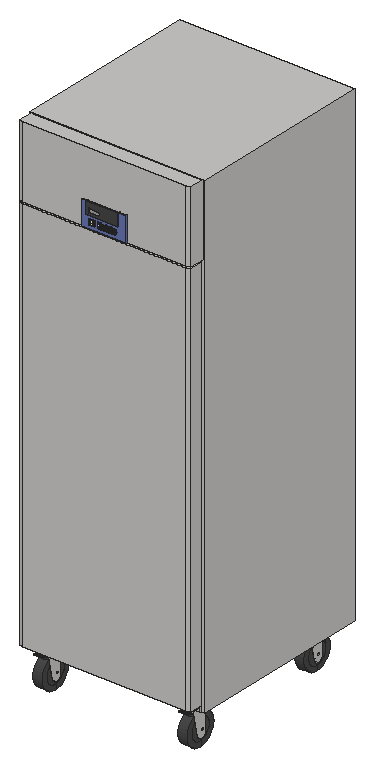
Revit family "QF_ELECTROLUXPROFESSIONAL_725448_TC671DZXU2", category Attrezzature speciali, Revit 2021
Family settings
  Quota connettore circolare = Usa diametro
  Tipo di parte = Normale
  Basato su piano di lavoro = No
  Sempre verticale = Sì
  Taglio con vuoti quando caricato = No
  Condiviso = No
  Punto di calcolo locali = No
Parameters (values of type "Standard")
  Weight = 165.00 kg
  Watts = 1420 W
  Volts = 115 V
  URL Manufacturer = "https://www.electroluxprofessional.com/"
  URL = "https://www.electroluxprofessional.com/"
  Steam Supply Size = 0 mm
  Steam Supply Minimum Pressure = 0.0 Pa
  Steam Supply Maximum Pressure = 0.0 Pa
  Steam Consumption per Hour = 0
  Refrigeration Suction Line Size = 0 mm
  Refrigeration Liquid Line Size = 0 mm
  Refrigerant Compressor Remote = yes
  Prospetto di default = 0 mm
  Produttore = "Electrolux Professional"
  Phase = 1
  Modello = "TC671DZXU2"
  Length Actual = 710 mm  # constant formula
  Item Number = "725448"
  Hot Water Size = 0 mm
  Height Actual = 2090 mm  # constant formula
  HP = "1.9 HP"
  Gas Size = 0 mm
  Gas KW = 0
  Gas Input Pressure = 0 W
  Direct Waste Size = 0 mm
  Descrizione = "1-DOOR THAWING CABINET 670L, 15 POSITIONS, 120V/60Hz R290 - US"
  Depth Actual = 835 mm  # constant formula
  Cycle = 60 Hz
  Condensate Return Size = 0 mm
  Compressed Air Volume = 0.0 L/s
  Compressed Air Size = 0 mm
  Compressed Air Pressure = 0.0 Pa
  Cold Water Size = 0 mm
  Accessory = yes
Reference planes
  plane 1 "Center (Front/Back)": y = 0
  plane 2: z = 0
  plane 3 "Center (Left/Right)": x = 0
  plane 4 "BASE": z = 150
  plane 5 "TOP": z = 2089.965
  plane 6 "FRONT": y = -417.5
  plane 7 "BACK": y = 417.5
  plane 8 "LEFT": x = -355
  plane 9 "RIGHT": x = 355
  plane 10: x = -278
  plane 11: y = 299.5
  plane 12: y = -314.5
  plane 13: x = 278
  plane 14 "DrainY": y = -254.5
  plane 15: y = -1062.5
Forms (mm)
  Extrusion 1, solid, material "QF_Finishes_Stainless Steel"
    sketch origin (0, 0, 150) x (-1, 0, 0) y (0, -1, 0)
      loop
        line (355, -417.5) -> (355, 345.5) -> (-355, 345.5) -> (-355, -417.5) -> (355, -417.5)
    from 0 to 1940
  Extrusion 2, solid
    sketch origin (0, 417.5, 1660) x (-1, 0, 0) y (0, 0, 1)
      loop
        circle (339, 164) r 10
    from 0 to 3.2
  Extrusion 3, solid, material "QF_Door-Drawer Clearances", detail levels coarse
    sketch origin (0, 0, 150) x (-1, 0, 0) y (0, -1, 0)
      loop
        line (-345, 409.5) -> (-283, 409.5) -> (-283, 1006.5) -> (-301, 1006.5) -> (-301, 1024.5) -> (-323, 1024.5) -> (-323, 1062.5) -> (-345, 1062.5) -> (-345, 409.5)
    from 1642.965 to 28
  Extrusion 4, solid, material "QF_Door-Drawer Clearances", detail levels coarse
    sketch origin (0, 0, 150) x (-1, 0, 0) y (0, -1, 0)
      loop
        line (-283, 409.5) -> (347, 409.5)
        arc (347, 409.5) -> (150.684, 878.295) -> (-323, 1062.5) r 650
        line (-323, 1062.5) -> (-323, 1024.5) -> (-301, 1024.5) -> (-301, 1006.5) -> (-283, 1006.5) -> (-283, 409.5)
    from 1642.965 to 28
  Extrusion 5, solid, material "QF_Clearances", detail levels coarse
    sketch origin (0, 0, 150) x (-1, 0, 0) y (0, -1, 0)
      loop
        line (355, 417.5) -> (355, -417.5) -> (-355, -417.5) -> (-355, 417.5) -> (-385, 417.5) -> (-385, -447.5) -> (385, -447.5) -> (385, 417.5) -> (355, 417.5)
    from -150 to 1940
  Extrusion 6, void
    sketch origin (0, 417.5, 0) x (-1, 0, 0) y (0, 0, 1)
      loop
        line (280, 1764.931) -> (-280, 1764.931) -> (-280, 220) -> (0, 210) -> (280, 219.676) -> (280, 1764.931)
    from -56 to -763
  Extrusion 7, solid, material "QF_Finishes_Stainless Steel"
    sketch origin (0, 0, 150) x (-1, 0, 0) y (0, -1, 0)
      loop
        circle (0, 254.5) r 7.938
    from 0 to -10
  Extrusion 8, solid, material "QF_Clearances", detail levels coarse
    sketch origin (0, 0, 150) x (-1, 0, 0) y (0, -1, 0)
      loop
        line (385, 417.5) -> (-385, 417.5) -> (-385, -447.5) -> (385, -447.5) -> (385, 417.5)
    from 2140 to 1940
Cuts and joins
  Extrusion 6 cuts Extrusion 1
Lines and regions (mm)
  symbolic lines, style "SpecialityEquipmentHiddenLines"
    curve 1: line (345, -409.5, 150) -> (345, -1062.5, 150)
    curve 2: line (345, -1062.5, 150) -> (323, -1062.5, 150)
    curve 3: line (283, -409.5, 150) -> (283, -1006.5, 150)
    curve 4: line (323, -1062.5, 150) -> (323, -1024.5, 150)
    curve 5: line (323, -1024.5, 150) -> (301, -1024.5, 150)
    curve 6: line (301, -1024.5, 150) -> (301, -1006.5, 150)
    curve 7: line (301, -1006.5, 150) -> (283, -1006.5, 150)
    curve 8: arc (-347, -409.5, 150) -> (-150.684, -878.295, 150) -> (323, -1062.5, 150) r 650
  symbolic lines, style "QF_Clearances", detail levels coarse
    curve 9: line (-355, -417.5, 2089.965) -> (-385, -417.5, 2089.965)
    curve 10: line (-385, -417.5, 2089.965) -> (-385, 447.5, 2089.965)
    curve 11: line (-385, 447.5, 2089.965) -> (385, 447.5, 2089.965)
    curve 12: line (385, 447.5, 2089.965) -> (385, -417.5, 2089.965)
    curve 13: line (385, -417.5, 2089.965) -> (355, -417.5, 2089.965)
  symbolic lines
    curve 14: line (355, 417.5, 150) -> (-355, 417.5, 150)
    curve 15: line (355, -345.5, 150) -> (355, 417.5, 150)
    curve 16: line (-355, -345.5, 150) -> (355, -345.5, 150)
    curve 17: line (-355, 417.5, 150) -> (-355, -345.5, 150)
Dimensions and locks
  equal spacing: plane 7 "BACK", plane 1 "Center (Front/Back)", plane 6 "FRONT"
  equal spacing: plane 8 "LEFT", plane 3 "Center (Left/Right)", plane 9 "RIGHT"
  plane 8 "LEFT" to plane 9 "RIGHT" = 710 mm
  plane 7 "BACK" to plane 6 "FRONT" = 835 mm
  plane 5 "TOP" to plane 2 = 2089.965 mm
  Extrusion 8 to Extrusion 8 = 200 mm
  plane 8 "LEFT" to plane 10 = 77 mm  (x2)
  plane 7 "BACK" to plane 11 = 118 mm
  plane 11 to plane 12 = 614 mm
  plane 13 to plane 9 "RIGHT" = 77 mm
  plane 9 "RIGHT" to plane 13 = 77 mm
  plane 7 "BACK" to plane 11 to plane 12 = 118 mm, 614 mm
  plane 14 "DrainY" to plane 6 "FRONT" = 163 mm
  plane 7 "BACK" to plane 15 = 1480 mm
  aligned and locked: level to plane 2
Automatic sketch dimensions
  curve 13 to plane 6 "FRONT" = 0 mm
  curve 13 to plane 9 "RIGHT" = 0 mm
  curve 9 to plane 6 "FRONT" = 0 mm
  curve 9 to plane 8 "LEFT" = 0 mm
  curve 11 to plane 9 "RIGHT" = 30 mm
  curve 9 to curve 10 = 30 mm
  plane 7 "BACK" to curve 11 = 30 mm
  Extrusion 1 sketch curve to plane 7 "BACK" = 0 mm
  Extrusion 1 sketch curve to plane 9 "RIGHT" = 0 mm
  Extrusion 1 sketch curve to plane 8 "LEFT" = 0 mm
  plane 6 "FRONT" to Extrusion 1 sketch curve = 72 mm
  plane 8 "LEFT" to Extrusion 2 sketch curve = 16 mm
  Extrusion 2 sketch curve to plane 5 "TOP" = 265.965 mm
  plane 9 "RIGHT" to Extrusion 3 sketch curve = 10 mm
  plane 9 "RIGHT" to Extrusion 3 sketch curve = 32 mm
  Extrusion 3 sketch curve to Extrusion 3 sketch curve = 22 mm
  plane 6 "FRONT" to Extrusion 3 sketch curve = 8 mm
  Extrusion 3 sketch curve to Extrusion 3 sketch curve = 62 mm
  Extrusion 3 sketch curve to plane 6 "FRONT" = 589 mm
  Extrusion 3 sketch curve to Extrusion 3 sketch curve = 18 mm
  Extrusion 3 sketch curve to Extrusion 3 sketch curve = 38 mm
  plane 9 "RIGHT" to Extrusion 4 sketch curve = 32 mm
  plane 6 "FRONT" to Extrusion 4 sketch curve = 4.692 mm
  plane 9 "RIGHT" to Extrusion 4 sketch curve = 52.008 mm
  Extrusion 4 sketch curve to Extrusion 4 sketch curve = 22 mm
  Extrusion 4 sketch curve to Extrusion 4 sketch curve = 18 mm  (x2)
  plane 8 "LEFT" to Extrusion 4 sketch curve = 8 mm
  plane 6 "FRONT" to Extrusion 4 sketch curve = 8 mm
  Extrusion 4 sketch curve to Extrusion 4 sketch curve = 56 mm
  Extrusion 5 sketch curve to plane 6 "FRONT" = 0 mm  (x2)
  Extrusion 5 sketch curve to plane 7 "BACK" = 0 mm
  Extrusion 5 sketch curve to plane 9 "RIGHT" = 0 mm
  Extrusion 5 sketch curve to plane 8 "LEFT" = 0 mm
  Extrusion 5 sketch curve to plane 9 "RIGHT" = 30 mm
  Extrusion 5 sketch curve to Extrusion 5 sketch curve = 30 mm
  plane 7 "BACK" to Extrusion 5 sketch curve = 30 mm
  Extrusion 6 sketch curve to plane 3 "Center (Left/Right)" = 0 mm
  plane 9 "RIGHT" to Extrusion 6 sketch curve = 75 mm
  plane 8 "LEFT" to Extrusion 6 sketch curve = 75 mm
  plane 4 "BASE" to Extrusion 6 sketch curve = 60 mm
  plane 4 "BASE" to Extrusion 6 sketch curve = 69.676 mm
  plane 4 "BASE" to Extrusion 6 sketch curve = 70 mm
  Extrusion 6 sketch curve to plane 5 "TOP" = 325.035 mm
  Extrusion 7 sketch curve to plane 3 "Center (Left/Right)" = 0 mm
  plane 6 "FRONT" to Extrusion 7 sketch curve = 163 mm
  Extrusion 8 sketch curve to plane 6 "FRONT" = 0 mm
  Extrusion 8 sketch curve to plane 9 "RIGHT" = 30 mm
  plane 7 "BACK" to Extrusion 8 sketch curve = 30 mm
  Extrusion 8 sketch curve to plane 8 "LEFT" = 30 mm
  curve 15 to plane 7 "BACK" = 0 mm
  curve 15 to plane 9 "RIGHT" = 0 mm
  curve 16 to plane 8 "LEFT" = 0 mm
  plane 9 "RIGHT" to curve 2 = 10 mm
  plane 9 "RIGHT" to curve 5 = 32 mm
  plane 6 "FRONT" to curve 8 = 4.692 mm
  plane 13 to curve 8 = 24.992 mm
  curve 4 to curve 6 = 22 mm
  plane 13 to curve 7 = 5 mm
  curve 17 to plane 12 = 31 mm
  curve 7 to plane 6 "FRONT" = 589 mm
  curve 6 to curve 6 = 18 mm
  curve 4 to curve 2 = 38 mm
  plane 6 "FRONT" to curve 8 = 8 mm
  plane 6 "FRONT" to curve 3 = 8 mm
  plane 6 "FRONT" to curve 1 = 8 mm
  radius of Extrusion 2 sketch curve = 10 mm
  radius of Extrusion 7 sketch curve = 7.938 mm
Nested families
  nested 1: "QF_725191_Door" at (0, -345.5, 1008.365) x (1, 0, 0) z (0, -1, 0), type "QF_725191_Door"
    with Show Clearance yes
  nested 2: "QF_REFRIG_WHEEL150" at (-278, 355.15, 0), type "QF_REFRIG_WHEEL150"
    with Type Mark "", Status "", Specification by User "", Revision Code "", Item Number "", Installed By "", Identify Quantity as Lot yes, Furnished By "", Foodservice Equipment Identifier yes
  nested 3: "QF_REFRIG_WHEEL150" at (278, 355.15, 0), type "QF_REFRIG_WHEEL150"
    with Type Mark "", Status "", Specification by User "", Revision Code "", Item Number "", Installed By "", Identify Quantity as Lot yes, Furnished By "", Foodservice Equipment Identifier yes
  nested 4: "QF_REFRIG_WHEEL150_LOCKED" at (-295, -258.85, 0), type "QF_REFRIG_WHEEL150_LOCKED"
    with Type Mark "", Status "", Specification by User "", Revision Code "", Item Number "", Installed By "", Identify Quantity as Lot yes, Furnished By "", Foodservice Equipment Identifier yes
  nested 5: "QF_REFRIG_WHEEL150_LOCKED" at (295, -258.85, 0), type "QF_REFRIG_WHEEL150_LOCKED"
    with Type Mark "", Status "", Specification by User "", Revision Code "", Item Number "", Installed By "", Identify Quantity as Lot yes, Furnished By "", Foodservice Equipment Identifier yes
Connectors
  electrical at (-339, 420.7, 1824), driven by "Volts"
    settings: on Extrusion 2, index 2, voltage 115 V, apparent load 0 VA, apparent load phase1 0 VA, apparent load phase2 0 VA, apparent load phase3 0 VA, power factor 1, load classification "Other", number of poles 1, system type 30, power factor state 1, is connector primary yes, connector utility no, sub classification motor no, connector description "Electrical Connection"
  piping at (0, -254.5, 140), diameter 15.875
    settings: on Extrusion 7, index 3, connector inside diameter 609.6 mm, connector length 0 mm, flow factor 0, pipe flow 0.0 L/s, pressure drop 0.0 Pa, fitting loss kfactor 0, connector angle 0.00°, fixture units 0, engagement length 0 mm, angle of deflection 0.00°, flow configuration 1, flow direction 2, fitting loss method 0, system type 16, joint type 0, gender type 0, connector reference index -1, connector utility 0, adjustable connector no, is connector primary yes, connector description "Drain"
Definition of nested family "QF_725191_Door"
  Parameters
    Show Clearance [instance] = yes
    Model = "725192"
    Default Elevation = 1219.2 mm
  Reference planes
    plane 1 "Center (Front/Back)": y = 0
    plane 2: z = 0
    plane 3 "Center (Left/Right)": x = 0
  Forms (mm)
    Extrusion 1, solid
      sketch origin (0, -919.2, 0) x (1, 0, 0) y (0, 1, 0)
        loop
          line (-460, 2119.2) -> (-460, -162.846) -> (488.967, -162.846) -> (488.967, 2119.2) -> (-460, 2119.2)
      from 0 to -59.546
    Extrusion 2, solid
      sketch origin (0, 0, 0) x (1, 0, 0) y (0, 0, 1)
        loop
          line (-347, 60) -> (-347, 0) -> (347, 0) -> (347, 60) -> (332, 64) -> (-332, 64) -> (-347, 60)
      from -1081.6 to -791.6
    Extrusion 3, solid
      sketch origin (0, 0, 0) x (1, 0, 0) y (0, 0, 1)
        loop
          line (-347, 60) -> (-347, 26) -> (-325, 26) -> (-325, 8) -> (-307, 8) -> (-307, 0) -> (339, 0) -> (339, 8) -> (347, 8) -> (347, 60) -> (332, 64) -> (-332, 64) -> (-347, 60)
      from -784.6 to 830.4
    Extrusion 4, solid
      sketch origin (119, -516.365, 0) x (0, 1, 0) y (0, 0, 1)
        loop
          line (-323.003, 40.312) -> (-316.501, 40.312) -> (-316.501, 42.812) -> (-325.503, 42.812) -> (-325.503, 2.5) -> (-342, 2.5) -> (-342, 0) -> (-323.003, 0) -> (-323.003, 12.259) -> (-323.003, 40.312)
        loop
          line (-314, 38.311) -> (-316.501, 38.311) -> (-316.501, 14.304) -> (-319.752, 14.304) -> (-319.752, 11.804) -> (-314, 11.804) -> (-314, 38.311)
      from 185 to 220
    Extrusion 5, solid
      sketch origin (119, 469.597, 0) x (0, 1, 0) y (0, 0, 1)
        loop
          line (315.003, 27.948) -> (315.003, 2.948) -> (315.003, 0) -> (322.003, 0) -> (322.003, 2.5) -> (317.503, 2.5) -> (317.503, 27.948) -> (315.003, 27.948)
      from 185 to 220
  Lines and regions (mm)
    symbolic lines
      curve 1: line (-332, 0, 64) -> (332, 0, 64)
      curve 2: line (-347, 0, 0) -> (-347, 0, 60)
      curve 3: line (347, 0, 0) -> (-347, 0, 0)
      curve 4: line (347, 0, 60) -> (347, 0, 0)
      curve 5: line (-347, 0, 26) -> (-325, 0, 26)
      curve 6: line (-325, 0, 26) -> (-325, 0, 8)
      curve 7: line (-325, 0, 8) -> (-307, 0, 8)
      curve 8: line (-307, 0, 8) -> (-307, 0, 0)
      curve 9: line (339, 0, 8) -> (347, 0, 8)
      curve 10: line (339, 0, 8) -> (339, 0, 0)
      curve 11: line (-332, 0, 64) -> (-347, 0, 60)
      curve 12: line (332, 0, 64) -> (347, 0, 60)
  Dimensions and locks
    aligned and locked: plane 2 to Extrusion 1
    aligned and locked: level to Extrusion 1
  Nested families
    nested 1: "QF_DisplayCabinets180x100" at (0, 841.6, 64), type "QF_DisplayCabinets180x100"
      with Show Clearance yes
  Definition of nested family "QF_DisplayCabinets180x100"
    Parameters
      Show Clearance [instance] = yes
      Model = ""
      Default Elevation = 0 mm
    Reference planes
      plane 1 "Center (Front/Back)": y = 0
      plane 2: z = 0
      plane 3 "Center (Left/Right)": x = 0
    Forms (mm)
      Extrusion 1, solid
        sketch origin (0, -919.2, 0) x (1, 0, 0) y (0, 1, 0)
          loop
            line (-198.75, 1146.2) -> (-198.75, 709.567) -> (165.741, 709.567) -> (165.741, 1146.2) -> (-198.75, 1146.2)
        from 0 to -59.546
      Extrusion 2, solid
        sketch origin (0, 0, 0) x (1, 0, 0) y (0, 1, 0)
          loop
            line (-90, 50) -> (-90, -50) -> (90, -50) -> (90, 50) -> (60, 50) -> (60, 0) -> (-70, 0) -> (-70, 50) -> (-90, 50)
        from 5.4 to 0
      Extrusion 3, solid
        sketch origin (0, -30, 0) x (1, 0, 0) y (0, 1, 0)
          loop
            line (-70, 80) -> (-70, 30) -> (60, 30) -> (60, 80) -> (-70, 80)
          loop
            line (-56.633, 56.452) -> (-56.633, 39.793) -> (-11.633, 39.793) -> (-11.633, 56.452) -> (-56.633, 56.452)
        from 0 to 8
      Extrusion 4, solid
        sketch origin (0, 0, 0) x (1, 0, 0) y (0, 1, 0)
          loop
            line (-56.633, 26.452) -> (-56.633, 9.793) -> (-11.633, 9.793) -> (-11.633, 26.452) -> (-56.633, 26.452)
        from 0 to 7
      Extrusion 5, solid
        sketch origin (0, 0, 0) x (1, 0, 0) y (0, 1, 0)
          loop
            line (-43.063, -13.359) -> (-43.063, -33.154)
            arc (-43.063, -33.154) -> (-35.746, -23.257) -> (-43.063, -13.359) r 10.352
          loop
            arc (-44.07, -13.359) -> (-52.302, -15.23) -> (-56.268, -22.683) r 10.145
            line (-56.268, -22.683) -> (-52.994, -22.683)
            arc (-52.994, -22.683) -> (-47.143, -20.308) -> (-44.07, -14.793) r 9.509
            line (-44.07, -14.793) -> (-44.07, -13.359)
          loop
            arc (-44.07, -31.721) -> (-47.143, -26.205) -> (-52.994, -23.831) r 9.509
            line (-52.994, -23.831) -> (-56.268, -23.831)
            arc (-56.268, -23.831) -> (-52.309, -31.345) -> (-44.07, -33.408) r 10.411
            line (-44.07, -33.408) -> (-44.07, -31.721)
          loop
            line (-57.02, -12.279) -> (-57.02, -34.279) -> (-34.99, -34.279) -> (-34.99, -12.279) -> (-57.02, -12.279)
        from 5.4 to 7
      Extrusion 6, solid
        sketch origin (0, 0, 0) x (1, 0, 0) y (0, 1, 0)
          loop
            line (-15.272, -12.492) -> (-22.708, -12.492) -> (-22.708, -21.151)
            arc (-22.708, -21.151) -> (-21.729, -23.514) -> (-19.367, -24.492) r 3.341
            line (-19.367, -24.492) -> (-15.128, -24.492) -> (-15.128, -22.55) -> (-18.883, -22.55)
            arc (-18.883, -22.55) -> (-20.117, -22.133) -> (-20.642, -20.941) r 1.615
            line (-20.642, -20.941) -> (-20.642, -19.224) -> (-15.593, -19.224) -> (-15.593, -17.274) -> (-20.642, -17.274) -> (-20.642, -14.436) -> (-15.272, -14.436) -> (-15.272, -12.492)
          loop
            line (-13.66, -12.492) -> (-13.66, -24.492) -> (-11.593, -24.492) -> (-11.593, -12.492) -> (-13.66, -12.492)
          loop
            line (31.232, -12.492) -> (31.232, -24.492) -> (33.3, -24.492) -> (33.3, -12.492) -> (31.232, -12.492)
          loop
            line (-8.175, -20.66) -> (-1.392, -20.66)
            arc (-1.392, -20.66) -> (-2.453, -16.934) -> (-6.081, -15.575) r 4.298
            arc (-6.081, -15.575) -> (-9.277, -17.196) -> (-10.188, -20.66) r 4.373
            arc (-10.188, -20.66) -> (-8.988, -23.558) -> (-6.091, -24.758) r 4.097
            arc (-6.091, -24.758) -> (-3.837, -24.425) -> (-1.946, -23.152) r 5.15
            line (-1.946, -23.152) -> (-3.171, -21.928)
            arc (-3.171, -21.928) -> (-4.778, -22.892) -> (-6.645, -22.73) r 3.039
            arc (-6.645, -22.73) -> (-7.784, -21.972) -> (-8.175, -20.66) r 2.013
          loop
            line (-8.123, -19.207) -> (-3.469, -19.207)
            arc (-3.469, -19.207) -> (-4.122, -17.833) -> (-5.557, -17.326) r 1.983
            arc (-5.557, -17.326) -> (-7.213, -17.758) -> (-8.123, -19.207) r 2.321
          loop
            line (6.665, -18.342) -> (7.963, -17.044)
            arc (7.963, -17.044) -> (6.336, -15.866) -> (4.358, -15.514) r 4.497
            arc (4.358, -15.514) -> (1.341, -16.616) -> (-0.242, -19.411) r 4.652
            arc (-0.242, -19.411) -> (2.426, -24.31) -> (7.89, -23.18) r 4.684
            line (7.89, -23.18) -> (6.599, -21.89)
            arc (6.599, -21.89) -> (3.813, -22.811) -> (1.817, -20.66) r 2.714
            arc (1.817, -20.66) -> (1.956, -18.959) -> (3.127, -17.718) r 2.578
            arc (3.127, -17.718) -> (5.002, -17.432) -> (6.665, -18.342) r 2.961
          loop
            line (9.233, -12.492) -> (9.233, -20.693)
            arc (9.233, -20.693) -> (9.411, -21.923) -> (9.872, -23.078) r 5.301
            arc (9.872, -23.078) -> (11.347, -24.251) -> (13.216, -24.498) r 3.531
            line (13.216, -24.498) -> (13.216, -22.561)
            arc (13.216, -22.561) -> (12.66, -22.519) -> (12.142, -22.313) r 1.862
            arc (12.142, -22.313) -> (11.478, -21.611) -> (11.3, -20.66) r 1.713
            line (11.3, -20.66) -> (11.3, -17.691) -> (13.177, -17.691) -> (13.177, -15.813) -> (11.3, -15.813) -> (11.3, -12.492) -> (9.233, -12.492)
          loop
            arc (16.966, -19.93) -> (17.114, -19.065) -> (17.54, -18.298) r 2.607
            arc (17.54, -18.298) -> (18.779, -17.662) -> (20.17, -17.691) r 2.84
            line (20.17, -17.691) -> (20.17, -15.704)
            arc (20.17, -15.704) -> (18.352, -15.876) -> (16.966, -17.064) r 3.016
            line (16.966, -17.064) -> (16.966, -15.813) -> (14.916, -15.813) -> (14.916, -24.492) -> (16.966, -24.492) -> (16.966, -19.93)
          loop
            circle (25.224, -20.154) r 4.599
          loop
            circle (25.224, -20.154) r 2.787
          loop
            arc (40.755, -20.878) -> (40.245, -22.281) -> (38.861, -22.84) r 1.835
            arc (38.861, -22.84) -> (37.476, -22.281) -> (36.966, -20.878) r 1.835
            line (36.966, -20.878) -> (36.966, -15.813) -> (34.881, -15.813) -> (34.881, -21.05)
            arc (34.881, -21.05) -> (36.067, -23.754) -> (38.861, -24.712) r 3.675
            arc (38.861, -24.712) -> (41.685, -23.725) -> (42.839, -20.965) r 3.675
            line (42.839, -20.965) -> (42.839, -15.813) -> (40.755, -15.813) -> (40.755, -20.878)
          loop
            line (44.088, -15.813) -> (47.09, -19.889) -> (43.792, -24.495) -> (46.014, -24.495) -> (48.203, -21.438) -> (50.424, -24.495) -> (52.632, -24.495) -> (49.381, -19.842) -> (52.354, -15.813) -> (50.097, -15.813) -> (48.196, -18.39) -> (46.324, -15.813) -> (44.088, -15.813)
          loop
            line (-21.545, -29.467) -> (-23.194, -29.467) -> (-23.194, -33.617) -> (-22.292, -33.617) -> (-22.292, -32.188) -> (-21.295, -32.188)
            arc (-21.295, -32.188) -> (-20.179, -30.713) -> (-21.545, -29.467) r 1.372
          loop
            arc (-21.334, -31.373) -> (-20.993, -30.839) -> (-21.334, -30.306) r 0.587
            line (-21.334, -30.306) -> (-22.292, -30.306) -> (-22.292, -31.373) -> (-21.334, -31.373)
          loop
            line (-15.033, -29.467) -> (-16.71, -29.467) -> (-16.71, -33.617) -> (-15.808, -33.617) -> (-15.808, -32.188) -> (-14.935, -32.188) -> (-14.339, -33.617) -> (-13.37, -33.617) -> (-14.186, -31.867)
            arc (-14.186, -31.867) -> (-13.795, -31.4) -> (-13.664, -30.805) r 1.281
            arc (-13.664, -30.805) -> (-14.076, -29.857) -> (-15.033, -29.467) r 1.37
          loop
            line (-15.808, -30.306) -> (-15.808, -31.373) -> (-14.85, -31.373)
            arc (-14.85, -31.373) -> (-14.509, -30.839) -> (-14.85, -30.306) r 0.587
            line (-14.85, -30.306) -> (-15.808, -30.306)
          loop
            circle (-8.072, -31.542) r 2.156
          loop
            circle (-8.072, -31.542) r 1.368
          loop
            line (-2.373, -29.467) -> (-2.373, -33.617) -> (-1.493, -33.617) -> (-1.493, -32.167) -> (0.069, -32.167) -> (0.069, -31.237) -> (-1.493, -31.237) -> (-1.493, -30.361) -> (0.219, -30.361) -> (0.219, -29.467) -> (-2.373, -29.467)
          loop
            line (3.719, -29.467) -> (3.719, -32.269)
            arc (3.719, -32.269) -> (4.101, -33.219) -> (5.046, -33.614) r 1.327
            line (5.046, -33.614) -> (6.385, -33.614) -> (6.385, -32.83) -> (5.126, -32.83)
            arc (5.126, -32.83) -> (4.662, -32.447) -> (4.571, -31.852) r 0.845
            line (4.571, -31.852) -> (6.23, -31.852) -> (6.23, -31.068) -> (4.571, -31.068) -> (4.571, -30.251) -> (6.345, -30.251) -> (6.345, -29.467) -> (3.719, -29.467)
          loop
            arc (18.747, -29.993) -> (18.197, -29.542) -> (17.501, -29.398) r 1.485
            arc (17.501, -29.398) -> (16.858, -29.556) -> (16.329, -29.955) r 1.645
            arc (16.329, -29.955) -> (16.232, -30.897) -> (16.84, -31.624) r 1.217
            arc (16.84, -31.624) -> (17.351, -31.794) -> (17.836, -32.029) r 4.201
            arc (17.836, -32.029) -> (18.142, -32.39) -> (17.931, -32.814) r 0.43
            arc (17.931, -32.814) -> (17.539, -32.906) -> (17.149, -32.807) r 0.846
            arc (17.149, -32.807) -> (16.811, -32.564) -> (16.605, -32.203) r 0.983
            line (16.605, -32.203) -> (15.879, -32.542)
            arc (15.879, -32.542) -> (16.14, -33.046) -> (16.562, -33.427) r 1.595
            arc (16.562, -33.427) -> (17.04, -33.631) -> (17.557, -33.683) r 1.719
            arc (17.557, -33.683) -> (18.196, -33.556) -> (18.772, -33.25) r 2.246
            arc (18.772, -33.25) -> (19.027, -32.573) -> (18.896, -31.863) r 1.349
            arc (18.896, -31.863) -> (18.612, -31.535) -> (18.249, -31.298) r 1.564
            arc (18.249, -31.298) -> (17.79, -31.093) -> (17.32, -30.917) r 8.236
            arc (17.32, -30.917) -> (17.048, -30.494) -> (17.441, -30.181) r 0.375
            arc (17.441, -30.181) -> (17.911, -30.294) -> (18.273, -30.616) r 0.998
            line (18.273, -30.616) -> (18.747, -29.993)
          loop
            line (22.554, -29.467) -> (22.554, -33.614) -> (23.407, -33.614) -> (23.407, -29.467) -> (22.554, -29.467)
          loop
            circle (29.157, -31.541) r 1.29
          loop
            circle (29.157, -31.541) r 2.154
          loop
            line (34.878, -33.614) -> (35.739, -33.614) -> (35.739, -31.007) -> (37.636, -33.614) -> (38.465, -33.614) -> (38.465, -29.467) -> (37.604, -29.467) -> (37.604, -32.154) -> (35.707, -29.467) -> (34.878, -29.467) -> (34.878, -33.614)
          loop
            line (42.765, -33.614) -> (43.169, -32.72) -> (44.703, -32.72) -> (45.106, -33.614) -> (46.023, -33.614) -> (44.271, -29.467) -> (43.471, -29.467) -> (41.849, -33.614) -> (42.765, -33.614)
          loop
            line (44.32, -31.869) -> (43.909, -30.958) -> (43.51, -31.869) -> (44.32, -31.869)
          loop
            line (50.258, -32.83) -> (50.258, -29.467) -> (49.406, -29.467) -> (49.406, -33.614) -> (51.853, -33.614) -> (51.853, -32.83) -> (50.258, -32.83)
          loop
            arc (12.529, -29.993) -> (11.98, -29.542) -> (11.284, -29.398) r 1.485
            arc (11.284, -29.398) -> (10.641, -29.556) -> (10.112, -29.955) r 1.645
            arc (10.112, -29.955) -> (10.014, -30.897) -> (10.622, -31.624) r 1.217
            arc (10.622, -31.624) -> (11.133, -31.794) -> (11.618, -32.029) r 4.201
            arc (11.618, -32.029) -> (11.925, -32.39) -> (11.714, -32.814) r 0.43
            arc (11.714, -32.814) -> (11.322, -32.906) -> (10.931, -32.807) r 0.846
            arc (10.931, -32.807) -> (10.594, -32.564) -> (10.387, -32.203) r 0.983
            line (10.387, -32.203) -> (9.662, -32.542)
            arc (9.662, -32.542) -> (9.923, -33.046) -> (10.345, -33.427) r 1.595
            arc (10.345, -33.427) -> (10.823, -33.631) -> (11.34, -33.683) r 1.719
            arc (11.34, -33.683) -> (11.979, -33.556) -> (12.555, -33.25) r 2.246
            arc (12.555, -33.25) -> (12.809, -32.573) -> (12.678, -31.863) r 1.349
            arc (12.678, -31.863) -> (12.394, -31.535) -> (12.031, -31.298) r 1.564
            arc (12.031, -31.298) -> (11.573, -31.093) -> (11.102, -30.917) r 8.236
            arc (11.102, -30.917) -> (10.83, -30.494) -> (11.223, -30.181) r 0.375
            arc (11.223, -30.181) -> (11.694, -30.294) -> (12.056, -30.616) r 0.998
            line (12.056, -30.616) -> (12.529, -29.993)
        from 5.4 to 7
    Lines and regions (mm)
      symbolic lines
        curve 1: line (52.518, 0, 4) -> (-53.037, 0, 4)
        curve 2: line (40, 0, 4) -> (40, 0, 8)
        curve 3: line (40, 0, 8) -> (-40, 0, 8)
        curve 4: line (-40, 0, 8) -> (-40, 0, 4)
        curve 5: line (-64.765, 0, 0) -> (-53.037, 0, 4)
        curve 6: line (52.518, 0, 4) -> (64.135, 0, 0)
    Dimensions and locks
      aligned and locked: plane 2 to Extrusion 1
      aligned and locked: level to Extrusion 1
Definition of nested family "QF_REFRIG_WHEEL150"
  Parameters
    Weight = ""
    URL Manufacturer = ""
    URL Cutsheet = ""
    URL = ""
    Type Mark [instance] = ""
    Status [instance] = ""
    Specification by User [instance] = ""
    Specification by Manufacturer = ""
    Serial Number = ""
    Seismic Rating = ""
    SMACNA No = ""
    Revision Code [instance] = ""
    Default Elevation = 0 mm
    Omniclass Number and Title = ""
    NAFEM Spec ID Number = ""
    Model = ""
    MasterSpec. = ""
    Manufacturer = ""
    Item Number [instance] = ""
    Installed By [instance] = ""
    Identify Quantity as Lot [instance] = yes
    Furnished By [instance] = ""
    Foodservice Equipment Identifier [instance] = yes
    Description = ""
    CSI MasterFormat = ""
    CSI Master Format = ""
    Assembly Code = ""
  Reference planes
    plane 1: z = 0
    plane 2 "Center (Left/Right)": x = 0
    plane 3 "Center (Top/Bottom)": y = -55.65
    plane 4 "TOP": z = 150
  Forms (mm)
    Revolve 1, solid
      sketch origin (46.04, -55.65, -25.504) x (-1, 0, 0) y (0, 0, 1)
        loop
          line (68.94, 88.116) -> (70.615, 88.116) -> (71.885, 89.386) -> (71.885, 91.304) -> (68.94, 91.304) -> (68.94, 88.116)
        loop
          line (23.171, 88.116) -> (23.171, 91.304) -> (20.196, 91.304) -> (20.196, 89.386) -> (21.466, 88.116) -> (23.171, 88.116)
        axis (20.196, 91.304) -> (71.885, 91.304)
      angle from 0 to 360
    Revolve 2, solid
      sketch origin (0, -74.432, -31.75) x (0, -1, 0) y (0, 0, 1)
        loop
          line (-18.782, 181.75) -> (-34.723, 181.75) -> (-34.723, 176.522) -> (-18.782, 176.522) -> (-18.782, 181.75)
        axis (-18.782, 176.522) -> (-18.782, 181.75)
      angle from 0 to 360
    Extrusion 3, solid
      sketch origin (-51, -81.798, -19.154) x (0, -1, 0) y (0, 0, -1)
        loop
          line (-45.49, -158.354) -> (12.282, -158.354) -> (-10.225, -62.197)
          arc (-10.225, -62.197) -> (-31.417, -53.19) -> (-45.49, -71.415) r 18.837
          line (-45.49, -71.415) -> (-45.49, -158.354)
      from 71.611 to 73.87
    Extrusion 4, solid
      sketch origin (50.97, -81.798, -19.154) x (0, -1, 0) y (0, 0, 1)
        loop
          line (-45.49, 163.926) -> (-45.49, 158.354) -> (14.51, 158.354) -> (14.51, 163.926) -> (-45.49, 163.926)
      from 28.1 to 73.87
    Extrusion 5, solid
      sketch origin (-94.51, -81.798, -19.154) x (0, -1, 0) y (0, 0, -1)
        loop
          line (-45.49, -158.354) -> (12.282, -158.354) -> (-10.225, -62.197)
          arc (-10.225, -62.197) -> (-31.417, -53.19) -> (-45.49, -71.415) r 18.837
          line (-45.49, -71.415) -> (-45.49, -158.354)
      from 71.611 to 73.87
    Revolve 6, solid
      sketch origin (46.04, -55.65, -25.504) x (-1, 0, 0) y (0, 0, 1)
        loop
          line (25.43, 91.304) -> (25.43, 85.067) -> (30.739, 85.067) -> (30.739, 44.951) -> (26.99, 44.951) -> (26.99, 25.504) -> (65.09, 25.504) -> (65.09, 44.951) -> (61.342, 44.951) -> (61.342, 85.067) -> (66.681, 85.067) -> (66.681, 91.304) -> (25.43, 91.304)
        axis (25.43, 91.304) -> (66.681, 91.304)
      angle from 0 to 360
  Cuts and joins
    joined: Revolve 2, Extrusion 3, Extrusion 4
  Dimensions and locks
    plane 4 "TOP" to level = 150 mm  (x3)
    aligned and locked: level to plane 1
    aligned and locked: cut or joined group of Revolve 2, Extrusion 3, Extrusion 4 to plane 4 "TOP"
Definition of nested family "QF_REFRIG_WHEEL150_LOCKED"
  Parameters
    Weight = ""
    URL Manufacturer = ""
    URL Cutsheet = ""
    URL = ""
    Type Mark [instance] = ""
    Status [instance] = ""
    Specification by User [instance] = ""
    Specification by Manufacturer = ""
    Serial Number = ""
    Seismic Rating = ""
    SMACNA No = ""
    Revision Code [instance] = ""
    Default Elevation = 0 mm
    Omniclass Number and Title = ""
    NAFEM Spec ID Number = ""
    Model = ""
    MasterSpec. = ""
    Manufacturer = ""
    Item Number [instance] = ""
    Installed By [instance] = ""
    Identify Quantity as Lot [instance] = yes
    Furnished By [instance] = ""
    Foodservice Equipment Identifier [instance] = yes
    Description = ""
    CSI MasterFormat = ""
    CSI Master Format = ""
    Assembly Code = ""
  Reference planes
    plane 1: z = 0
    plane 2 "Center (Left/Right)": x = 0
    plane 3 "Center (Top/Bottom)": y = -55.65
    plane 4 "TOP": z = 150
  Forms (mm)
    Revolve 1, solid
      sketch origin (46.04, -55.65, -25.504) x (-1, 0, 0) y (0, 0, 1)
        loop
          line (68.94, 88.116) -> (70.615, 88.116) -> (71.885, 89.386) -> (71.885, 91.304) -> (68.94, 91.304) -> (68.94, 88.116)
        loop
          line (23.171, 88.116) -> (23.171, 91.304) -> (20.196, 91.304) -> (20.196, 89.386) -> (21.466, 88.116) -> (23.171, 88.116)
        axis (20.196, 91.304) -> (71.885, 91.304)
      angle from 0 to 360
    Revolve 2, solid
      sketch origin (0, -74.432, -31.75) x (0, -1, 0) y (0, 0, 1)
        loop
          line (-18.782, 181.75) -> (-34.723, 181.75) -> (-34.723, 176.522) -> (-18.782, 176.522) -> (-18.782, 181.75)
        axis (-18.782, 176.522) -> (-18.782, 181.75)
      angle from 0 to 360
    Extrusion 3, solid
      sketch origin (-51, -81.798, -19.154) x (0, -1, 0) y (0, 0, -1)
        loop
          line (-45.49, -158.354) -> (12.282, -158.354) -> (-10.225, -62.197)
          arc (-10.225, -62.197) -> (-31.417, -53.19) -> (-45.49, -71.415) r 18.837
          line (-45.49, -71.415) -> (-45.49, -158.354)
      from 71.611 to 73.87
    Extrusion 4, solid
      sketch origin (50.97, -81.798, -19.154) x (0, -1, 0) y (0, 0, 1)
        loop
          line (-45.49, 163.926) -> (-45.49, 158.354) -> (14.51, 158.354) -> (14.51, 163.926) -> (-45.49, 163.926)
      from 28.1 to 73.87
    Extrusion 5, solid
      sketch origin (-94.51, -81.798, -19.154) x (0, -1, 0) y (0, 0, -1)
        loop
          line (-45.49, -158.354) -> (12.282, -158.354) -> (-10.225, -62.197)
          arc (-10.225, -62.197) -> (-31.417, -53.19) -> (-45.49, -71.415) r 18.837
          line (-45.49, -71.415) -> (-45.49, -158.354)
      from 71.611 to 73.87
    Extrusion 6, solid
      sketch origin (-20.641, -99.307, 4.258) x (0, 1, 0) y (0, 0, 1)
        loop
          line (3.34, 130.149) -> (-17.127, 138.418) -> (-18.513, 134.987) -> (1.954, 126.718) -> (24.151, 124.385) -> (31.776, 127.16) -> (22.158, 128.171) -> (22.158, 134.943) -> (14.535, 134.943) -> (14.535, 128.972) -> (3.34, 130.149)
      from 0 to 41.251
    Revolve 7, solid
      sketch origin (46.04, -55.65, -25.504) x (-1, 0, 0) y (0, 0, 1)
        loop
          line (25.43, 91.304) -> (25.43, 85.067) -> (30.739, 85.067) -> (30.739, 44.951) -> (26.99, 44.951) -> (26.99, 25.504) -> (65.09, 25.504) -> (65.09, 44.951) -> (61.342, 44.951) -> (61.342, 85.067) -> (66.681, 85.067) -> (66.681, 91.304) -> (25.43, 91.304)
        axis (25.43, 91.304) -> (66.681, 91.304)
      angle from 0 to 360
  Cuts and joins
    joined: Revolve 2, Extrusion 3, Extrusion 4
  Dimensions and locks
    plane 4 "TOP" to level = 150 mm  (x3)
    aligned and locked: level to plane 1
    aligned and locked: cut or joined group of Revolve 2, Extrusion 3, Extrusion 4 to plane 4 "TOP"
